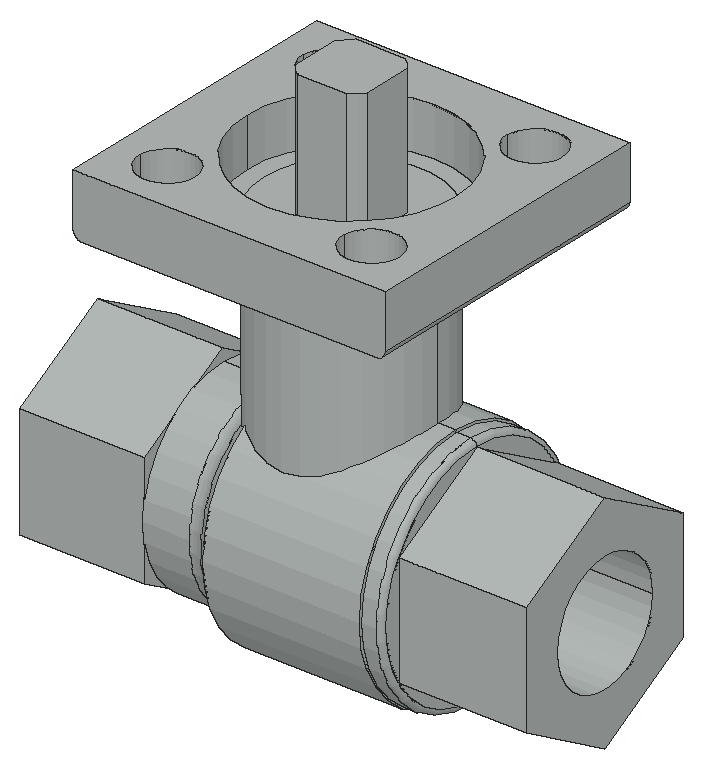
Revit family "QD34790000", category Apparecchi idraulici, Revit 2020
Family settings
  Quota connettore circolare = Usa diametro
  Tipo di parte = Normale
  Numero OmniClass = 23.45.00.00
  Titolo OmniClass = Sanitary, Laundry, and Cleaning Equipment
  Basato su piano di lavoro = No
  Sempre verticale = Sì
  Taglio con vuoti quando caricato = No
  Condiviso = No
  Punto di calcolo locali = No
Parameters
  URL = "https://web.cimberio.it/index.php/figura/929?subcategoria_id=69"
  Temperatura di esercizio = "PN 32"
  Prospetto di default = 0 mm
  Produttore = "CIMBERIO SPA"
  Pressione nominale = "PN 32"
  Modello = "Cim 860"
  Materiale = "Prodotto in lega di ottone conforme alla norma EN 12165-CW617N-DW"
  Descrizione = "Utilizzato nei più svariati settori dell'impiantistica: impianti di riscaldamento, condizionamento, idrici, igienico-sanitari, aria compressa e in generale con ogni fluido non corrosivo.\r\nParticolarmente indicato come valvola di zona per la regolazione e contabilizzazione di impianti di riscaldamento singoli o a zone, impianti con utilizzazione di energie alternative, impianti con fluidi caldi o freddi e impianti di automazione in genere."
  DN Model [instance] = QD34791015 : QD34791015
  DN [instance] = 15 mm
  Commenti sul tipo = "Realizzato in ottemperanza ai requisiti gestionali della norma EN ISO 9001.\r\nCollaudato al 100% secondo la normativa EN 12266-1"
Reference planes
  plane 1 "Centro (Fronte/Retro)": y = 0
  plane 2: z = 0
  plane 3 "Centro (Sinistra/Destra)": x = 0
Dimensions and locks
  aligned and locked: level to plane 2
Nested families
  nested 1: "QD34791015" at (0, 0, 0), type <- "DN Model", type "QD34791015"
  nested 2: "QD34791015" at (0, 0, 0), type <- "DN Model", type "QD34791015"
  nested 3: "QD34791015" at (0, 0, 0), type <- "DN Model", type "QD34791015"
  nested 4: "QD34791015" at (0, 0, 0), type <- "DN Model", type "QD34791015"
  nested 5: "QD34791015" at (0, 0, 0), type <- "DN Model", type "QD34791015"
  nested 6: "QD34791015" at (0, 0, 0), type <- "DN Model", type "QD34791015"
Connectors
  piping at (31.6, 0, 0), diameter 15, driven by "DN"
    settings: on nested 1, index 1, connector inside diameter 609.6 mm, connector length 0 mm, flow factor 0, pipe flow 0.0 L/s, pressure drop 0.0 Pa, fitting loss kfactor 0, connector angle 0.00°, fixture units 0, engagement length 0 mm, angle of deflection 0.00°, flow configuration 0, flow direction 0, fitting loss method 0, system type 7, joint type 0, gender type 0, connector reference index -1, connector utility 0, adjustable connector no, is connector primary yes, connector description ""
  piping at (-31.6, 0, 0), diameter 15, driven by "DN"
    settings: on nested 1, index 2, connector inside diameter 609.6 mm, connector length 0 mm, flow factor 0, pipe flow 0.0 L/s, pressure drop 0.0 Pa, fitting loss kfactor 0, connector angle 0.00°, fixture units 0, engagement length 0 mm, angle of deflection 0.00°, flow configuration 0, flow direction 0, fitting loss method 0, system type 7, joint type 0, gender type 0, connector reference index -1, connector utility 0, adjustable connector no, is connector primary no, connector description ""
Definition of nested family "QD34791015"
  Parameters (values of type "QD34791015")
    URL = "https://web.cimberio.it/index.php/figura/394?subcategoria_id="
    Temperatura di esercizio = "-10 ÷ 95°C"
    Default Elevation = 0 mm
    Manufacturer = "CIMBERIO SPA"
    Pressione nominale = "PN 16"
    Model = "Cim 32"
    Materiale = "Prodotto in lega di ottone conforme alla norma EN 12165-CW617N-DW"
    Description = "Impiegato nei più svariati settori dell'impiantistica in condutture anti-ritorno per: reti di distribuzione acqua potabile, impianti di riscaldamento, condizionamento, igienico-sanitari e in generale con ogni fluido non corrosivo."
    DN [instance] = 50 mm
    Type Comments = "Realizzato in ottemperanza ai requisiti gestionali della norma EN ISO 9001.\r\nCollaudato al 100% secondo la normativa EN 12266-1"
  Reference planes
    plane 1 "Centro (Fronte/Retro)": y = 0
    plane 2: z = 0
    plane 3 "Centro (Sinistra/Destra)": x = 0
  Forms (mm)
    Revolve 1, solid
      sketch origin (51.589, 0, -3.5) x (-1, 0, 0) y (0, 0, -1)
        loop
          line (35.989, 4) -> (38.589, 4) -> (38.589, 11.25) -> (36.689, 11.25)
          arc (36.689, 11.25) -> (36.194, 11.045) -> (35.989, 10.55) r 0.7
          line (35.989, 10.55) -> (35.989, 4)
        axis (38.589, -3.5) -> (35.989, -3.5)
      angle from 0 to 360
    Revolve 2, solid
      sketch origin (51.589, 0, -3.5) x (-1, 0, 0) y (0, 0, -1)
        loop
          line (38.589, 4) -> (67.589, 4) -> (67.589, 9) -> (61.832, 9)
          arc (61.832, 9) -> (60.684, 9.228) -> (59.71, 9.879) r 3
          line (59.71, 9.879) -> (58.089, 11.5) -> (38.589, 11.5) -> (38.589, 4)
        axis (67.589, -3.5) -> (38.589, -3.5)
      angle from 0 to 360
    Extrusion 3, solid
      sketch origin (0, 0, 0) x (0, 1, 0) y (0, 0, 1)
        loop
          circle (0, 0) r 7.5
        loop
          line (0, 14) -> (-12.124, 7) -> (-12.124, -7) -> (0, -14) -> (12.124, -7) -> (12.124, 7) -> (0, 14)
      from -31.6 to -16
    Extrusion 4, solid
      sketch origin (0, 0, 0) x (0, 1, 0) y (0, 0, -1)
        loop
          circle (0, 0) r 7.5
        loop
          line (0, -14) -> (12.124, -7) -> (12.124, 7) -> (0, 14) -> (-12.124, 7) -> (-12.124, -7) -> (0, -14)
      from -31.6 to -15.6
    Revolve 5, solid
      sketch origin (51.589, 0, -3.5) x (-1, 0, 0) y (0, 0, -1)
        loop
          line (62.339, -39.814) -> (62.339, -9.295) -> (51.589, -9.295) -> (51.589, -39.814) -> (62.339, -39.814)
        axis (51.589, -39.814) -> (51.589, -9.295)
      angle from 0 to 360
    Extrusion 6, solid
      sketch origin (35.5, -10.25, 107.539) x (-1, 0, 0) y (0, 0, -1)
        loop
          line (54.947, 66.539) -> (54.947, 73.202)
          spline (54.947, 73.202) -> (54.938, 73.333) -> (54.913, 73.461) -> (54.871, 73.585) -> (54.813, 73.703) -> (54.74, 73.811) -> (54.654, 73.91) -> (54.556, 73.996) -> (54.447, 74.069) -> (54.33, 74.127) -> (54.206, 74.169) -> (54.078, 74.194) -> (53.947, 74.203)
          line (53.947, 74.203) -> (17.053, 74.203)
          spline (17.053, 74.203) -> (16.922, 74.194) -> (16.794, 74.169) -> (16.67, 74.127) -> (16.553, 74.069) -> (16.444, 73.996) -> (16.346, 73.91) -> (16.26, 73.811) -> (16.187, 73.703) -> (16.129, 73.585) -> (16.087, 73.461) -> (16.062, 73.333) -> (16.053, 73.202)
          line (16.053, 73.202) -> (16.053, 66.539) -> (54.947, 66.539)
      from 8.75 to -29.25
    Extrusion 7, void
      sketch origin (-19.447, -10.25, 41) x (0, 1, 0) y (1, 0, 0)
        loop
          circle (22.978, 6.719) r 3.5
        loop
          circle (22.978, 32.174) r 3.5
        loop
          circle (-2.478, 32.174) r 3.5
        loop
          circle (-2.478, 6.719) r 3.5
        loop
          circle (10.25, 19.447) r 13
      from -3.453 to 6.045
    Extrusion 8, solid
      sketch origin (-19.447, -10.25, 41) x (1, 0, 0) y (0, 1, 0)
        loop
          arc (16.372, 14.75) -> (15.593, 14.104) -> (14.947, 13.324) r 5.45
          line (14.947, 13.324) -> (14.947, 7.176)
          arc (14.947, 7.176) -> (15.593, 6.396) -> (16.372, 5.75) r 5.45
          line (16.372, 5.75) -> (22.521, 5.75)
          arc (22.521, 5.75) -> (23.3, 6.396) -> (23.947, 7.176) r 5.45
          line (23.947, 7.176) -> (23.947, 13.324)
          arc (23.947, 13.324) -> (23.3, 14.104) -> (22.521, 14.75) r 5.45
          line (22.521, 14.75) -> (16.372, 14.75)
      from -7.663 to 10
  Cuts and joins
    Extrusion 7 cuts Revolve 5
    joined: Revolve 5, Extrusion 8
    Extrusion 7 cuts Extrusion 6
  Dimensions and locks
    aligned and locked: level to plane 2
